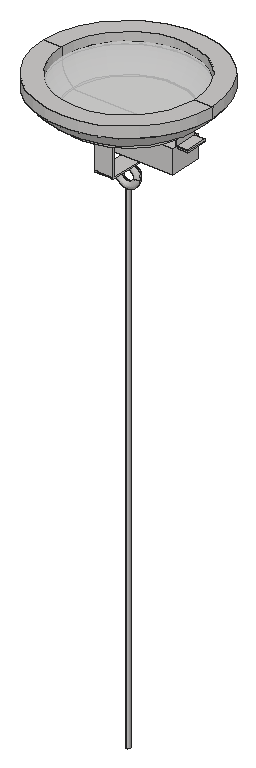
Revit family "0039311", category Lighting Fixtures, host Face, Revit 2017
Family settings
  Host = Face
  Round Connector Dimension = Use Diameter
  Part Type = Normal
  OmniClass Number = 23.80.70.11.17
  OmniClass Title = Specialized Lighting by Location or Use
  Cut with Voids When Loaded = No
  Light Source = Yes
  Shared = No
  Room Calculation Point = No
Parameters (values of type "START LED HIGHBAY 4000K 10KLM EB MEDIUM")
  Weight = 2.5 kg
  Wattage = 96.762 W
  built-in parameter 1150110 = 1 (stored number, unit not read)
  Voltage Comments = "UNV (Universal Voltage; 220-240 Volt)"  # constant formula
  Voltage = 230 V  # constant formula
  URL = "https://www.sylvania-lighting.com"
  Radius = 140.2 mm
  Mounting Material = Metal_Sylvania_Start LED HighBay_Silver
  Mounting Height = 1000.0 mm
  Mounting Radius = 50.0 mm
  Mounting Brackets Distance = Radius - 45.5 mm  # 94.7 mm
  Mounting Bracket Width = 100.0 mm
  Mounting Bracket Length = 30.0 mm
  Housing Material = Magnesium_Sylvania_Start LED HighBay_Silver_RAL 9006
  Energy Class = "A++,A+,A"  # constant formula
  Electrical Protection = "CLASS I"  # constant formula
  Diffuser Radius = Radius - 30.0 mm  # 110.2 mm
  built-in parameter 1114217 = 1 (stored number, unit not read)
  Tilt Angle = -90°
  built-in parameter 1150109 = 1 (stored number, unit not read)
  built-in parameter 1150134 = 12
  built-in parameter 1150113 = 1 (stored number, unit not read)
  Product Page URL = "https://www.sylvania-lighting.com/product/en-int/products/0039311"
  Product Family = "Start LED Highbay"  # constant formula
  Photometry Comments = ""
  Photometric Web File = "0039311_STARTLEDHIGHBAY4000K10KLMEBMEDIUM-192573.ies"
  Life = "50 000 h"  # constant formula
  IP Rating = "IP65"  # constant formula
  IK Rating = "IK08"  # constant formula
  Emit from Circle Diameter = Diffuser Diameter  # 220.4 mm
  Drive Current = "2450 mA"
  Diffuser Diameter = Diameter - 60.0 mm  # 220.4 mm
  Diffuser Material = Polycarbonate_Sylvania_Start LED HighBay_Clear
  built-in parameter 1114216 [instance] = 1 (stored number, unit not read)
  Model = "START LED HIGHBAY 4000K 10KLM EB MEDIUM"
  Manufacturer = "Feilo-Sylvania Group"
  built-in parameter 1150105 = 7038.4 (stored number, unit not read)
  Lumens = 10758 lm
  built-in parameter 1150115 = 1 (stored number, unit not read)
  built-in parameter 1150137 = (empty or 0)
  built-in parameter 1150139 = (empty or 0)
  built-in parameter 1150112 = 1 (stored number, unit not read)
  built-in parameter 1150114 = 1 (stored number, unit not read)
  Lamp = "LED Panel"  # constant formula
  built-in parameter 1150132 = 2
  built-in parameter 1150102 = (empty or 0)
  built-in parameter 1150107 = 4000 (stored number, unit not read)
  built-in parameter 1150138 = (empty or 0)
  built-in parameter 1150106 = 70.384 (stored number, unit not read)
  Diameter = Radius * 2  # 280.4 mm
  Emit Shape Visible in Rendering = yes
  built-in parameter 1150104 = 10.329 (stored number, unit not read)
  Dimming Lamp Color Temperature Shift = <None>
  Description = "The new Start LED Highbay is a range of industrial fixtures developed for retail, industry, manufacturing, airports and data centres. Start LED Highbay delivers high performance: up to 21,573 lm (luminaire lumen output on 190W version) and delivers up to 114 lm/W (total system efficiency). Start LED Highbay is available in 2 versions (95W or 190W) and 2 beam angles (medium or wide beam), allowing you to choose the best option depending the job on hand. Being part of the EVO LED range of luminaires means Start LED Highbay has been developed for efficiency, functionality and reliability; making it the go-to range for installers and contractors."  # constant formula
  Default Elevation = 0.0 mm
  Color Filter = 16777215
  Catalog Number = "0039311 START LED HIGHBAY 4000K 10KLM EB MEDIUM"
  built-in parameter 1140040 [instance] = 1
  Beam Angle = 55°
  built-in parameter 1114218 = 1 (stored number, unit not read)
  built-in parameter 1150133 = 10 (stored number, unit not read)
  Assembly Code = "D5020200"
  Apparent Load Comments = ""
  Apparent Load = 95 VA
Reference planes
  plane 1 "Center (Front/Back)": y = 0
  plane 2 "Fixture Top": z = 0
  plane 3 "Center (Left/Right)": x = 0
  plane 4 "Fixture Bottom": z = 1000
  plane 5: z = 982
  plane 6 "Head Top": z = 942
  plane 7: z = 986.5
  plane 8: z = 850
  plane 9: z = 932
  plane 10: z = 894.5
  plane 11: z = 870
  plane 12: z = 945
  plane 13: y = -50
  plane 14: y = 50
  plane 15: x = 15
  plane 16: x = -15
  plane 17: y = -17.5
  plane 18: y = 17.5
  plane 19: x = -94.7
  plane 20: x = 94.7
  plane 21: y = -25.5
  plane 22: y = 25.5
Forms (mm)
  Revolve 1, solid, material "Magnesium_Sylvania_Start LED HighBay_Silver_RAL 9006" <- "Housing Material", detail levels fine
    sketch origin (0, 0, 0) x (1, 0, 0) y (0, 0, 1)
      loop
        line (-140.2, 1000) -> (-140.2, 982)
        arc (-140.2, 982) -> (-119.514, 960.962) -> (-94.7, 945) r 133.031
        line (-94.7, 945) -> (-94.7, 942) -> (0, 942) -> (0, 945) -> (-91.718, 945) -> (-91.718, 947)
        arc (-91.718, 947) -> (-105.296, 962.21) -> (-110.2, 982) r 42.382
        line (-110.2, 982) -> (-110.2, 1000) -> (-140.2, 1000)
      axis (0, 1000) -> (0, 942)
    angle from 0 to 360
  Extrusion 2, solid, material "Metal_Sylvania_Start LED HighBay_Silver" <- "Mounting Material", detail levels fine
    sketch origin (0, 0, 0) x (0, 1, 0) y (0, 0, 1)
      loop
        line (50, 942) -> (48, 942) -> (48, 874)
        arc (48, 874) -> (47.414, 872.586) -> (46, 872) r 2
        line (46, 872) -> (-46, 872)
        arc (-46, 872) -> (-47.414, 872.586) -> (-48, 874) r 2
        line (-48, 874) -> (-48, 942) -> (-50, 942) -> (-50, 872)
        arc (-50, 872) -> (-49.414, 870.586) -> (-48, 870) r 2
        line (-48, 870) -> (48, 870)
        arc (48, 870) -> (49.414, 870.586) -> (50, 872) r 2
        line (50, 872) -> (50, 942)
    from -15 to 15
  Sweep 3, solid, material "Metal_Sylvania_Start LED HighBay_Silver" <- "Mounting Material", detail levels fine
    path origin (0, 0, 0) x (1, 0, 0) y (0, 0, 1)
      loop
        circle (0, 850) r 15
    profile origin (0, 0, 865) x (0, 0, -1) y (0, -1, 0)
      loop
        circle (0, 0) r 5
  Extrusion 4, solid, material "Magnesium_Sylvania_Start LED HighBay_Silver_RAL 9006" <- "Housing Material", detail levels fine
    sketch origin (0, 0, 0) x (1, 0, 0) y (0, 0, 1)
      loop
        line (-94.7, 942) -> (-94.7, 934) -> (-112.7, 934) -> (-112.7, 932) -> (-92.7, 932) -> (-92.7, 940) -> (-74.7, 940) -> (-74.7, 942) -> (-94.7, 942)
      loop
        line (94.7, 942) -> (74.7, 942) -> (74.7, 940) -> (92.7, 940) -> (92.7, 932) -> (112.7, 932) -> (112.7, 934) -> (94.7, 934) -> (94.7, 942)
    from -17.5 to 17.5
  Extrusion 5, solid, material "Magnesium_Sylvania_Start LED HighBay_Silver_RAL 9006" <- "Housing Material", detail levels fine
    sketch origin (0, 0, 0) x (0, 1, 0) y (0, 0, 1)
      loop
        line (25.5, 894.5) -> (25.5, 932) -> (-25.5, 932) -> (-25.5, 894.5) -> (25.5, 894.5)
    from -94.7 to 94.7
  Extrusion 6, solid, material "Magnesium_Sylvania_Start LED HighBay_Silver_RAL 9006" <- "Housing Material", detail levels fine
    sketch origin (0, 0, 0) x (1, 0, 0) y (0, 0, 1)
      loop
        line (-112.7, 932) -> (-112.7, 930) -> (-94.7, 930) -> (-94.7, 932) -> (-112.7, 932)
      loop
        line (112.7, 932) -> (94.7, 932) -> (94.7, 930) -> (112.7, 930) -> (112.7, 932)
    from -17.5 to 17.5
  Extrusion 7, solid, material "Metal_Sylvania_Start LED HighBay_Silver" <- "Mounting Material", detail levels fine
    sketch origin (0, 0, 13.919) x (0, -1, 0) y (1, 0, 0)
      loop
        circle (0, 0) r 3
    from -13.919 to 821.081
  Extrusion 8, solid, material "Polycarbonate_Sylvania_Start LED HighBay_Clear" <- "Diffuser Material", detail levels fine
    sketch origin (0, 0, 15) x (0, -1, 0) y (1, 0, 0)
      loop
        circle (0, 0) r 110.2
    from 967 to 971.5
  Revolve 9, solid, material "Magnesium_Sylvania_Start LED HighBay_Silver_RAL 9006" <- "Housing Material", detail levels coarse+medium
    sketch origin (0, 0, 0) x (1, 0, 0) y (0, 0, 1)
      loop
        line (-140.2, 1000) -> (-140.2, 982)
        arc (-140.2, 982) -> (-119.514, 960.962) -> (-94.7, 945) r 133.031
        line (-94.7, 945) -> (-94.7, 942) -> (0, 942) -> (0, 1000) -> (-140.2, 1000)
      axis (0, 942) -> (0, 1000)
    angle from 0 to 360
  Extrusion 10, solid, material "Metal_Sylvania_Start LED HighBay_Silver" <- "Mounting Material", detail levels coarse+medium
    sketch origin (0, 0, 15) x (0, -1, 0) y (1, 0, 0)
      loop
        line (-50, -15) -> (50, -15) -> (50, 15) -> (-50, 15) -> (-50, -15)
    from 855 to 927
Cuts and joins
  joined: Extrusion 5, Extrusion 6
  joined: Sweep 3, Extrusion 7
Lines and regions (mm)
  model lines, detail levels coarse+medium
    curve 1: line (0, 0, 870) -> (0, 0, 0)
Dimensions and locks
  "Radius": plane 3 "Center (Left/Right)" to Revolve 1 sketch curve
  "Diffuser Radius": plane 3 "Center (Left/Right)" to Revolve 1 sketch curve
  locked: Revolve 1 sketch curve to Revolve 1 sketch curve at 45.5
  locked: Revolve 1 sketch curve to Revolve 1 sketch curve at 48.482
  equal spacing: plane 14, plane 1 "Center (Front/Back)", plane 13
  "Mounting Bracket Width": plane 14 to plane 13
  locked: plane 14 to Extrusion 2 sketch curve at 2
  locked: Extrusion 2 sketch curve to plane 13 at 2
  locked: Extrusion 2 sketch curve to plane 11 at 2
  equal spacing: plane 16, plane 3 "Center (Left/Right)", plane 15
  "Mounting Bracket Length": plane 16 to plane 15
  plane 17 to plane 21 to plane 13 = 8.0 mm locked, 24.5 mm
  plane 14 to plane 22 to plane 18 = 24.5 mm locked, 8.0 mm
  locked: plane 9 to Extrusion 4 sketch curve at 2  (x2)
  locked: Extrusion 4 sketch curve to plane 6 "Head Top" at 2  (x2)
  Extrusion 4 sketch curve to Extrusion 4 sketch curve to Extrusion 4 sketch curve to Extrusion 4 sketch curve = 18.0 mm locked, 2.0 mm locked, 18.0 mm locked  (x2)
  "Mounting Brackets Distance": Extrusion 4 sketch curve to plane 3 "Center (Left/Right)"  (x2)
  plane 1 "Center (Front/Back)" to Extrusion 5 sketch curve = 25.5 mm
  Extrusion 5 sketch curve to plane 1 "Center (Front/Back)" = 25.5 mm
  locked: plane 9 to Extrusion 6 sketch curve at 2
  locked: Extrusion 6 sketch curve to Extrusion 6 sketch curve at 2
  locked: plane 8 to Extrusion 7 at 15
  plane 4 "Fixture Bottom" to plane 7 to plane 5 to plane 12 to plane 6 "Head Top" to plane 9 to plane 10 to plane 11 to plane 8 = 13.5 mm locked, 4.5 mm locked, 37.0 mm, 3.0 mm locked, 10.0 mm locked, 37.5 mm locked, 24.5 mm locked, 20.0 mm locked
  "Mounting Height": plane 4 "Fixture Bottom" to plane 2 "Fixture Top"
  locked: Revolve 9 sketch curve to Revolve 9 sketch curve at 45.5
  "Radius": imposter light to Revolve 9 sketch curve
  locked: Revolve 1 sketch curve to plane 12 at 2
  equal spacing: plane 20, plane 3 "Center (Left/Right)", plane 19
  "Mounting Brackets Distance": plane 3 "Center (Left/Right)" to plane 19
  "Diffuser Diameter": diameter of Extrusion 8 sketch curve
  aligned and locked: plane 2 "Fixture Top" to host face
  aligned and locked: level to host face
  aligned and locked: plane 1 "Center (Front/Back)" to imposter light
  aligned and locked: Revolve 1 sketch curve to plane 6 "Head Top"
  aligned and locked: Revolve 1 sketch curve to plane 3 "Center (Left/Right)"  (x2)
  aligned and locked: plane 5 to Revolve 1 sketch curve  (x2)
  aligned and locked: plane 4 "Fixture Bottom" to Revolve 1 sketch curve
  aligned and locked: Revolve 1 sketch curve to plane 12
  aligned and locked: Extrusion 2 sketch curve to plane 14
  aligned and locked: plane 13 to Extrusion 2 sketch curve
  aligned and locked: plane 6 "Head Top" to Extrusion 2 sketch curve
  aligned and locked: Extrusion 2 sketch curve to plane 11
  aligned and locked: Extrusion 2 to plane 15
  aligned and locked: Extrusion 2 to plane 16
  aligned and locked: plane 17 to Extrusion 4
  aligned and locked: plane 18 to Extrusion 4
  aligned and locked: plane 9 to Extrusion 5 sketch curve
  aligned and locked: Extrusion 5 sketch curve to plane 10
  aligned and locked: plane 20 to Extrusion 5
  aligned and locked: plane 19 to Extrusion 5
  aligned and locked: Extrusion 6 sketch curve to Extrusion 4  (x4)
  aligned and locked: plane 19 to Extrusion 6 sketch curve
  aligned and locked: Extrusion 6 sketch curve to plane 20
  aligned and locked: plane 18 to Extrusion 6
  aligned and locked: plane 17 to Extrusion 6
  aligned and locked: cut or joined group of Sweep 3, Extrusion 7 to plane 2 "Fixture Top"
  aligned and locked: plane 7 to Extrusion 8
  aligned and locked: Extrusion 8 to plane 5
  aligned and locked: imposter light to plane 4 "Fixture Bottom"
  aligned and locked: plane 3 "Center (Left/Right)" to imposter light
  aligned and locked: imposter light to Revolve 9 sketch curve
  aligned and locked: plane 5 to Revolve 9 sketch curve
  aligned and locked: plane 12 to Revolve 9 sketch curve
  aligned and locked: Revolve 9 sketch curve to plane 6 "Head Top"
  aligned and locked: Revolve 9 sketch curve to plane 3 "Center (Left/Right)"
  aligned and locked: Revolve 9 sketch curve to imposter light
  aligned and locked: plane 15 to Extrusion 10 sketch curve
  aligned and locked: Extrusion 10 sketch curve to plane 16
  aligned and locked: plane 14 to Extrusion 10 sketch curve
  aligned and locked: Extrusion 10 sketch curve to plane 13
  aligned and locked: plane 6 "Head Top" to Extrusion 10
  aligned and locked: Extrusion 10 to plane 11
  aligned and locked: plane 2 "Fixture Top" to curve 1
  aligned and locked: curve 1 to plane 3 "Center (Left/Right)"
  aligned and locked: plane 11 to curve 1
  aligned and locked: plane 21 to cut or joined group of Extrusion 5, Extrusion 6
  aligned and locked: plane 22 to cut or joined group of Extrusion 5, Extrusion 6
Automatic sketch dimensions
  host sketch curve to host sketch curve = 1305.563 mm
  host sketch curve to host sketch curve = 1283.632 mm
  Extrusion 2 sketch curve to plane 6 "Head Top" = 0.0 mm
  Extrusion 2 sketch curve to plane 13 = 2.0 mm
  Extrusion 2 sketch curve to Extrusion 2 sketch curve = 2.0 mm  (x2)
  plane 14 to Extrusion 2 sketch curve = 2.0 mm
  Sweep 3 sketch curve to plane 3 "Center (Left/Right)" = 0.0 mm
  Sweep 3 sketch curve to plane 8 = 0.0 mm
  Sweep 3 sketch curve to plane 1 "Center (Front/Back)" = 0.0 mm
  Sweep 3 sketch curve to profile plane = 0.0 mm
  plane 1 "Center (Front/Back)" to Extrusion 7 sketch curve = 0.0 mm
  Extrusion 7 sketch curve to plane 3 "Center (Left/Right)" = 0.0 mm
  Revolve 1 sketch curve to plane 12 = 0.0 mm
  plane 16 to Revolve 1 sketch curve = 20.583 mm
  Revolve 1 sketch curve to level = 372.274 mm
  Revolve 1 sketch curve to Revolve 1 sketch curve = 303.842 mm
  Extrusion 4 sketch curve to plane 9 = 0.0 mm  (x2)
  Extrusion 4 sketch curve to plane 6 "Head Top" = 0.0 mm  (x2)
  plane 1 "Center (Front/Back)" to Extrusion 8 sketch curve = 0.0 mm
  Extrusion 8 sketch curve to plane 3 "Center (Left/Right)" = 0.0 mm
  plane 16 to Revolve 9 sketch curve = 20.583 mm
  Revolve 9 sketch curve to plane 8 = 154.8 mm
  Revolve 9 sketch curve to Revolve 9 sketch curve = 240.626 mm
  radius of Sweep 3 sketch curve = 15.0 mm
  radius of Sweep 3 sketch curve = 5.0 mm
  radius of Extrusion 7 sketch curve = 3.0 mm
Connectors
  electrical at (0, 0, 0), driven by "Voltage", driven by "Apparent Load"
    settings: on cut or joined group of Sweep 3, Extrusion 7, index 1, voltage 230 V, apparent load 0 VA, apparent load phase1 95 VA, apparent load phase2 0 VA, apparent load phase3 0 VA, power factor 1, load classification "Lighting", number of poles 1, system type 31, power factor state 1, is connector primary yes, connector utility no, sub classification motor no, connector description ""
